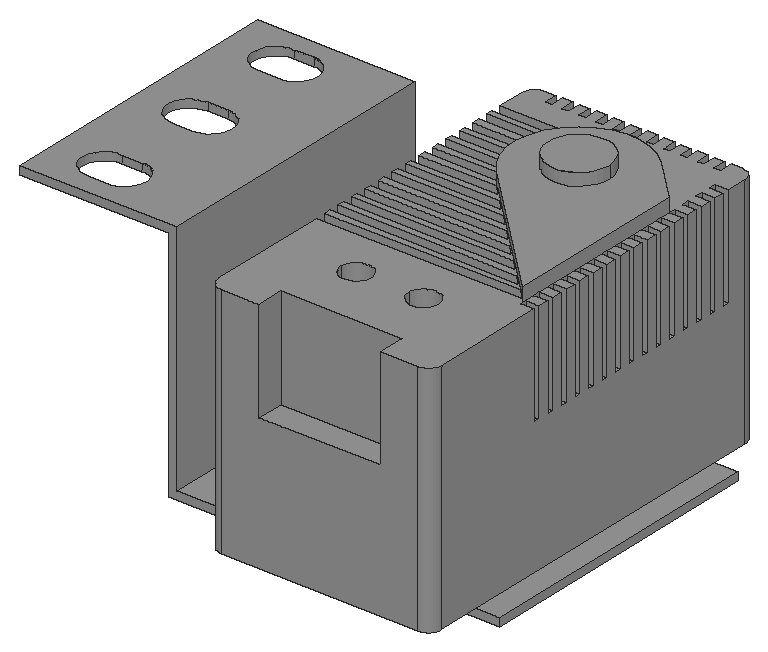
Revit family "ITK Термостат аналоговый", category Электрооборудование, Revit 2016
Family settings
  Тип детали = Другая панель
  Размер круглого соединителя = Использовать диаметр
  На основе рабочей плоскости = Нет
  Всегда вертикально = Да
  При загрузке вырезать с полостями = Нет
  Общий = Нет
  Точка расчета площади = Нет
Parameters (values of type "TS-A1")
  Ширина = 44 mm
  Совместимость = "Linea N, S, F, W, O"
  Высота = 36.2 mm
  Описание = "Термостат аналоговый применяется для организации управления работы вентиляторных потолочных панелей в зависимости от требуемой температуры включения/отключения. Термостат необходим в том случае, если панель данным термостатом не скомплектована.\r\n\r\nТип термостата: механический замыкающий нормально разомкнутый (NO). \r\nНоминальное рабочее напряжение: 230В. Частота тока: 50Гц.\r\nДиапазон регулировки температуры: от 0 до +60 °С.\r\nРазность температур переключения: 9-11 °С.\r\nСрок службы, циклов В-О: более 100 000.\r\n\r\nДля установки термостата внутри шкафа на вертикальные монтажные профили термостат комплектуется монтажным уголком. Размер термостата без уголка: 60х33х43 мм. Размер с уголком: 60х70х43 мм.\r\nКомплект поставки: термостат, монтажный уголок, комплект крепления винт-шайба-гайка.\r\nСовместимы со всеми 19-дюймовыми шкафами и стойками ITK.\r\nОбладают современным привлекательным дизайном и продуманной конструкцией.\r\nУдобны в монтаже и эксплуатации.\r\nСоответствие международным стандартам ISO9001, IEC 297, ISO/IEC 11801. \r\nСертифицированы по ГОСТ Р.\r\nВсе аксессуары идут с крепежом.\r\nВозможно исполнение в двух цветах: серый (RAL7035) и черный (RAL9005).\r\nВсегда в наличии на складе.\r\nГарантия на все аксессуары до 2-х лет."  # constant formula
  Материал = Окраска - RAL 7035
  Type Comments = ""
  Изготовитель = "ITK"  # constant formula
  Глубина = 44 mm
  URL = "http://www.itk-group.ru/produktsiya/catalog/?page=section&id=570"
  ADSK_Ток = ADSK_Номинальная мощность / (ADSK_Коэффициент мощности * ADSK_Напряжение * sqrt(ADSK_Количество фаз числовое))  # 0 A
  ADSK_Примечание = ""
  ADSK_Полная мощность = ADSK_Номинальная мощность / ADSK_Коэффициент мощности  # 0 VA
  ADSK_Позиция [instance] = ""
  ADSK_Номинальная мощность = 0 W
  ADSK_Напряжение = 220 V
  ADSK_Наименование краткое = "TS-A1"
  ADSK_Наименование = "ITK Термостат аналоговый, серый"
  ADSK_Масса = 0
  ADSK_Марка = "TS-A1"
  ADSK_Коэффициент мощности = 1
  ADSK_Количество фаз числовое = 1
  ADSK_Количество фаз = 1
  ADSK_Код изделия = ""
  ADSK_Классификация нагрузок = Прочее
  ADSK_Завод-изготовитель = "IEK"
  ADSK_Единица измерения = "шт"
  ADSK_Группирование = ""
Reference planes
  plane 1 "По центру (Вперед/Назад)": y = 0
  plane 2: z = 0
  plane 3 "По центру (Влево/Вправо)": x = 0
  plane 4: x = -22
  plane 5: x = 22
  plane 6: z = 36.2
  plane 7: y = 22
  plane 8: y = -22
  plane 9: z = 21.2
  plane 10: z = 38.2
Forms (mm)
  Extrusion 1, solid, material "Окраска - RAL 7035", detail levels fine
    sketch origin (-184.615, -22, 1164.5) x (-1, 0, 0) y (0, 0, 1)
      loop
        line (-158.815, -1128.3) -> (-158.815, -1163.3) -> (-206.615, -1163.3) -> (-206.615, -1164.5) -> (-157.615, -1164.5) -> (-157.615, -1129.5) -> (-135.615, -1129.5) -> (-135.615, -1128.3) -> (-158.815, -1128.3)
    from 0 to 44
  Extrusion 2, solid, material "Белый", detail levels fine
    sketch origin (0, 0, 0) x (1, 0, 0) y (0, 1, 0)
      loop
        line (18.5, -28.3) -> (18.5, 27.7)
        arc (18.5, 27.7) -> (17.914, 29.114) -> (16.5, 29.7) r 2
        line (16.5, 29.7) -> (-12.5, 29.7)
        arc (-12.5, 29.7) -> (-13.914, 29.114) -> (-14.5, 27.7) r 2
        line (-14.5, 27.7) -> (-14.5, -28.3)
        arc (-14.5, -28.3) -> (-13.914, -29.714) -> (-12.5, -30.3) r 2
        line (-12.5, -30.3) -> (16.5, -30.3)
        arc (16.5, -30.3) -> (17.914, -29.714) -> (18.5, -28.3) r 2
    from 1.2 to 36.2
  Extrusion 3, void
    sketch origin (0, 0, 0) x (1, 0, 0) y (0, 1, 0)
      loop
        arc (-38.5, 12.7) -> (-35.25, 15.95) -> (-38.5, 19.2) r 3.25
        line (-38.5, 19.2) -> (-41.5, 19.2)
        arc (-41.5, 19.2) -> (-44.75, 15.95) -> (-41.5, 12.7) r 3.25
        line (-41.5, 12.7) -> (-38.5, 12.7)
      loop
        arc (-38.5, -3.175) -> (-35.25, 0.075) -> (-38.5, 3.325) r 3.25
        line (-38.5, 3.325) -> (-41.5, 3.325)
        arc (-41.5, 3.325) -> (-44.75, 0.075) -> (-41.5, -3.175) r 3.25
        line (-41.5, -3.175) -> (-38.5, -3.175)
      loop
        arc (-38.5, -19.05) -> (-35.25, -15.8) -> (-38.5, -12.55) r 3.25
        line (-38.5, -12.55) -> (-41.5, -12.55)
        arc (-41.5, -12.55) -> (-44.75, -15.8) -> (-41.5, -19.05) r 3.25
        line (-41.5, -19.05) -> (-38.5, -19.05)
      loop
        circle (7, -17.3) r 2.25
      loop
        circle (-3, -17.3) r 2.25
      loop
        line (-7, -30.3) -> (11, -30.3) -> (11, -26.3) -> (-7, -26.3) -> (-7, -30.3)
      loop
        line (15, 27.7) -> (15, 29.7) -> (14, 29.7) -> (14, 27.7) -> (15, 27.7)
      loop
        line (12.5, 27.7) -> (12.5, 29.7) -> (11.5, 29.7) -> (11.5, 27.7) -> (12.5, 27.7)
      loop
        line (10, 27.7) -> (10, 29.7) -> (9, 29.7) -> (9, 27.7) -> (10, 27.7)
      loop
        line (7.5, 27.7) -> (7.5, 29.7) -> (6.5, 29.7) -> (6.5, 27.7) -> (7.5, 27.7)
      loop
        line (5, 27.7) -> (5, 29.7) -> (4, 29.7) -> (4, 27.7) -> (5, 27.7)
      loop
        line (2.5, 27.7) -> (2.5, 29.7) -> (1.5, 29.7) -> (1.5, 27.7) -> (2.5, 27.7)
      loop
        line (-1, 27.7) -> (0, 27.7) -> (0, 29.7) -> (-1, 29.7) -> (-1, 27.7)
      loop
        line (-2.5, 27.7) -> (-2.5, 29.7) -> (-3.5, 29.7) -> (-3.5, 27.7) -> (-2.5, 27.7)
      loop
        line (-5, 27.7) -> (-5, 29.7) -> (-6, 29.7) -> (-6, 27.7) -> (-5, 27.7)
      loop
        line (-7.5, 27.7) -> (-7.5, 29.7) -> (-8.5, 29.7) -> (-8.5, 27.7) -> (-7.5, 27.7)
      loop
        line (-10, 27.7) -> (-10, 29.7) -> (-11, 29.7) -> (-11, 27.7) -> (-10, 27.7)
      loop
        line (16.5, 24.7) -> (16.5, 23.7) -> (18.5, 23.7) -> (18.5, 24.7) -> (16.5, 24.7)
      loop
        line (16.5, 21.2) -> (18.5, 21.2) -> (18.5, 22.2) -> (16.5, 22.2) -> (16.5, 21.2)
      loop
        line (16.5, 19.7) -> (16.5, 18.7) -> (18.5, 18.7) -> (18.5, 19.7) -> (16.5, 19.7)
      loop
        line (16.5, 17.2) -> (16.5, 16.2) -> (18.5, 16.2) -> (18.5, 17.2) -> (16.5, 17.2)
      loop
        line (16.5, 14.7) -> (16.5, 13.7) -> (18.5, 13.7) -> (18.5, 14.7) -> (16.5, 14.7)
      loop
        line (18.5, 11.2) -> (18.5, 12.2) -> (16.5, 12.2) -> (16.5, 11.2) -> (18.5, 11.2)
      loop
        line (18.5, 8.7) -> (18.5, 9.7) -> (16.5, 9.7) -> (16.5, 8.7) -> (18.5, 8.7)
      loop
        line (18.5, 6.2) -> (18.5, 7.2) -> (16.5, 7.2) -> (16.5, 6.2) -> (18.5, 6.2)
      loop
        line (18.5, 3.7) -> (18.5, 4.7) -> (16.5, 4.7) -> (16.5, 3.7) -> (18.5, 3.7)
      loop
        line (18.5, 1.2) -> (18.5, 2.2) -> (16.5, 2.2) -> (16.5, 1.2) -> (18.5, 1.2)
      loop
        line (18.5, -1.3) -> (18.5, -0.3) -> (16.5, -0.3) -> (16.5, -1.3) -> (18.5, -1.3)
      loop
        line (18.5, -3.8) -> (18.5, -2.8) -> (16.5, -2.8) -> (16.5, -3.8) -> (18.5, -3.8)
      loop
        line (18.5, -6.3) -> (18.5, -5.3) -> (16.5, -5.3) -> (16.5, -6.3) -> (18.5, -6.3)
      loop
        line (18.5, -8.8) -> (18.5, -7.8) -> (16.5, -7.8) -> (16.5, -8.8) -> (18.5, -8.8)
      loop
        line (16.5, -10.3) -> (16.5, -11.3) -> (18.5, -11.3) -> (18.5, -10.3) -> (16.5, -10.3)
      loop
        line (-14.5, 23.7) -> (-14.5, 22.2) -> (-2.825, 22.2)
        arc (-2.825, 22.2) -> (-1.868, 23.016) -> (-0.813, 23.7) r 9.546
        line (-0.813, 23.7) -> (-14.5, 23.7)
      loop
        line (-14.5, 21.2) -> (-14.5, 19.7) -> (-4.667, 19.7)
        arc (-4.667, 19.7) -> (-4.227, 20.472) -> (-3.716, 21.2) r 9.546
        line (-3.716, 21.2) -> (-14.5, 21.2)
      loop
        line (-14.5, 18.7) -> (-14.5, 17.2) -> (-5.53, 17.2)
        arc (-5.53, 17.2) -> (-5.349, 17.959) -> (-5.107, 18.7) r 9.546
        line (-5.107, 18.7) -> (-14.5, 18.7)
      loop
        line (-14.5, 16.2) -> (-14.5, 14.7) -> (-5.686, 14.7)
        arc (-5.686, 14.7) -> (-5.708, 15.45) -> (-5.672, 16.2) r 9.546
        line (-5.672, 16.2) -> (-14.5, 16.2)
      loop
        line (-14.5, 13.7) -> (-14.5, 12.2) -> (-5.17, 12.2)
        arc (-5.17, 12.2) -> (-5.397, 12.942) -> (-5.563, 13.7) r 9.546
        line (-5.563, 13.7) -> (-14.5, 13.7)
      loop
        line (-14.5, 11.2) -> (-14.5, 9.7) -> (-3.848, 9.7)
        arc (-3.848, 9.7) -> (-4.335, 10.429) -> (-4.753, 11.2) r 9.546
        line (-4.753, 11.2) -> (-14.5, 11.2)
      loop
        line (-14.5, 8.7) -> (-14.5, 7.2) -> (-1.5, 7.2) -> (-3, 8.7) -> (-14.5, 8.7)
      loop
        line (-14.5, 6.2) -> (-14.5, 4.7) -> (1, 4.7) -> (-0.5, 6.2) -> (-14.5, 6.2)
      loop
        line (-14.5, 3.7) -> (-14.5, 2.2) -> (3.5, 2.2) -> (2, 3.7) -> (-14.5, 3.7)
      loop
        line (-14.5, 1.2) -> (-14.5, -0.3) -> (6, -0.3) -> (4.5, 1.2) -> (-14.5, 1.2)
      loop
        line (-14.5, -1.3) -> (-14.5, -2.8) -> (8.5, -2.8) -> (7, -1.3) -> (-14.5, -1.3)
      loop
        line (-14.5, -3.8) -> (-14.5, -5.3) -> (11, -5.3) -> (9.5, -3.8) -> (-14.5, -3.8)
      loop
        line (-14.5, -6.3) -> (-14.5, -7.8) -> (13.5, -7.8) -> (12, -6.3) -> (-14.5, -6.3)
      loop
        line (-14.5, -8.8) -> (-14.5, -10.3) -> (16, -10.3) -> (14.5, -8.8) -> (-14.5, -8.8)
    from 21.2 to 36.2
  Extrusion 4, solid, material "Белый", detail levels fine
    sketch origin (0, 0, 0) x (1, 0, 0) y (0, 1, 0)
      loop
        line (-2.913, 8.613) -> (16.5, -10.8) -> (16.5, 16.2) -> (10.587, 22.113)
        arc (10.587, 22.113) -> (-2.913, 22.113) -> (-2.913, 8.613) r 9.546
    from 36.2 to 38.2
  Extrusion 5, solid, material "Синий", detail levels fine
    sketch origin (0, 0, 0) x (1, 0, 0) y (0, 1, 0)
      loop
        circle (3.837, 15.363) r 4.5
    from 38.2 to 40
Cuts and joins
  Extrusion 3 cuts Extrusion 1
  Extrusion 3 cuts Extrusion 2
Dimensions and locks
  equal spacing: plane 4, plane 3 "По центру (Влево/Вправо)", plane 5
  "Ширина": plane 4 to plane 5
  "Высота": plane 6 to plane 2
  equal spacing: plane 7, plane 1 "По центру (Вперед/Назад)", plane 8
  "Глубина": plane 7 to plane 8
  plane 6 to plane 9 = 15 mm
  aligned and locked: level to plane 2
  aligned and locked: Extrusion 1 to plane 8
  aligned and locked: plane 7 to Extrusion 1
  aligned and locked: plane 6 to Extrusion 2
  aligned and locked: Extrusion 2 to Extrusion 1
  aligned and locked: plane 6 to Extrusion 3
  aligned and locked: Extrusion 3 to plane 9
  aligned and locked: plane 10 to Extrusion 4
  aligned and locked: Extrusion 4 to plane 6
  aligned and locked: Extrusion 5 to Extrusion 4
Automatic sketch dimensions
  Extrusion 1 sketch curve to plane 6 = 36.2 mm
  plane 5 to Extrusion 1 sketch curve = 0 mm
  Extrusion 1 sketch curve to plane 4 = 3.8 mm
  Extrusion 1 sketch curve to Extrusion 1 sketch curve = 1.2 mm  (x2)
  Extrusion 1 sketch curve to plane 6 = 35 mm
  Extrusion 1 sketch curve to Extrusion 1 sketch curve = 33.8 mm
  Extrusion 1 sketch curve to Extrusion 1 sketch curve = 22 mm
  plane 4 to Extrusion 2 sketch curve = 7.5 mm
  Extrusion 2 sketch curve to Extrusion 2 sketch curve = 2 mm  (x3)
  plane 5 to Extrusion 2 sketch curve = 5.5 mm  (x2)
  Extrusion 2 sketch curve to plane 8 = 8.3 mm
  plane 7 to Extrusion 2 sketch curve = 5.7 mm
  Extrusion 4 sketch curve to plane 1 "По центру (Вперед/Назад)" = 8.613 mm
  plane 1 "По центру (Вперед/Назад)" to Extrusion 4 sketch curve = 10.8 mm
  Extrusion 4 sketch curve to plane 3 "По центру (Влево/Вправо)" = 2.913 mm
  plane 3 "По центру (Влево/Вправо)" to Extrusion 4 sketch curve = 3.837 mm
  plane 7 to Extrusion 4 sketch curve = 0.113 mm
  Extrusion 4 sketch curve to plane 7 = 5.8 mm
  Extrusion 4 sketch curve to Extrusion 4 sketch curve = 6.75 mm
  plane 5 to Extrusion 4 sketch curve = 5.5 mm
  Extrusion 3 sketch curve to plane 3 "По центру (Влево/Вправо)" = 0 mm
  Extrusion 3 sketch curve to plane 3 "По центру (Влево/Вправо)" = 0.813 mm
  Extrusion 3 sketch curve to Extrusion 3 sketch curve = 1 mm  (x40)
  Extrusion 3 sketch curve to plane 3 "По центру (Влево/Вправо)" = 1.5 mm
  Extrusion 3 sketch curve to Extrusion 3 sketch curve = 1.5 mm  (x31)
  plane 7 to Extrusion 3 sketch curve = 0.2 mm  (x2)
  Extrusion 3 sketch curve to plane 3 "По центру (Влево/Вправо)" = 3 mm
  Extrusion 3 sketch curve to plane 3 "По центру (Влево/Вправо)" = 7 mm
  Extrusion 3 sketch curve to Extrusion 3 sketch curve = 3.5 mm
  Extrusion 3 sketch curve to Extrusion 3 sketch curve = 0 mm  (x62)
  plane 8 to Extrusion 3 sketch curve = 2.95 mm
  Extrusion 3 sketch curve to plane 4 = 16.5 mm
  plane 1 "По центру (Вперед/Назад)" to Extrusion 3 sketch curve = 3.175 mm
  Extrusion 3 sketch curve to plane 7 = 2.8 mm
  Extrusion 3 sketch curve to Extrusion 3 sketch curve = 3 mm  (x5)
  Extrusion 3 sketch curve to plane 1 "По центру (Вперед/Назад)" = 0.075 mm
  plane 3 "По центру (Влево/Вправо)" to Extrusion 3 sketch curve = 1.5 mm
  plane 3 "По центру (Влево/Вправо)" to Extrusion 3 sketch curve = 2 mm
  plane 3 "По центру (Влево/Вправо)" to Extrusion 3 sketch curve = 3.837 mm
  plane 1 "По центру (Вперед/Назад)" to Extrusion 3 sketch curve = 0.3 mm  (x2)
  plane 3 "По центру (Влево/Вправо)" to Extrusion 3 sketch curve = 7 mm
  Extrusion 3 sketch curve to Extrusion 3 sketch curve = 2.5 mm
  plane 3 "По центру (Влево/Вправо)" to Extrusion 3 sketch curve = 11 mm
  plane 5 to Extrusion 3 sketch curve = 5.5 mm
  Extrusion 3 sketch curve to Extrusion 3 sketch curve = 0.5 mm  (x2)
  Extrusion 3 sketch curve to Extrusion 3 sketch curve = 2 mm  (x8)
  Extrusion 3 sketch curve to plane 8 = 4.3 mm
  Extrusion 3 sketch curve to Extrusion 3 sketch curve = 4 mm  (x4)
  plane 8 to Extrusion 3 sketch curve = 4.7 mm  (x2)
  Extrusion 3 sketch curve to Extrusion 3 sketch curve = 3.25 mm
  Extrusion 3 sketch curve to Extrusion 3 sketch curve = 6 mm
  plane 1 "По центру (Вперед/Назад)" to Extrusion 3 sketch curve = 1.3 mm
  Extrusion 3 sketch curve to plane 1 "По центру (Вперед/Назад)" = 1.2 mm  (x2)
  Extrusion 3 sketch curve to Extrusion 3 sketch curve = 6.5 mm
  Extrusion 3 sketch curve to plane 7 = 6.637 mm
  Extrusion 3 sketch curve to plane 7 = 0.8 mm  (x2)
  Extrusion 3 sketch curve to plane 3 "По центру (Влево/Вправо)" = 0.5 mm
  Extrusion 3 sketch curve to Extrusion 3 sketch curve = 0.892 mm
  Extrusion 3 sketch curve to Extrusion 3 sketch curve = 0.848 mm
  Extrusion 3 sketch curve to Extrusion 3 sketch curve = 0.95 mm
  Extrusion 3 sketch curve to Extrusion 3 sketch curve = 0.906 mm
  Extrusion 3 sketch curve to Extrusion 3 sketch curve = 0.44 mm
  Extrusion 3 sketch curve to Extrusion 3 sketch curve = 0.416 mm
  Extrusion 3 sketch curve to Extrusion 3 sketch curve = 0.424 mm
  Extrusion 3 sketch curve to Extrusion 3 sketch curve = 0.393 mm
  Extrusion 3 sketch curve to Extrusion 3 sketch curve = 0.142 mm
  Extrusion 3 sketch curve to Extrusion 3 sketch curve = 0.123 mm
  plane 3 "По центру (Влево/Вправо)" to Extrusion 3 sketch curve = 1 mm
  plane 1 "По центру (Вперед/Назад)" to Extrusion 3 sketch curve = 2.8 mm
  Extrusion 3 sketch curve to Extrusion 3 sketch curve = 0.014 mm
  radius of Extrusion 3 sketch curve = 2.25 mm  (x2)
Connectors
  electrical at (2, -26.3, 28.7), driven by "ADSK_Количество фаз", driven by "ADSK_Классификация нагрузок", driven by "ADSK_Напряжение", driven by "ADSK_Полная мощность", driven by "ADSK_Коэффициент мощности"
    settings: on cut or joined group of Extrusion 2, Extrusion 3, index 1, voltage 220 V, apparent load 0 VA, apparent load phase1 0 VA, apparent load phase2 0 VA, apparent load phase3 0 VA, power factor 1, load classification "Прочее", number of poles 1, system type 31, power factor state 1, is connector primary yes, connector utility no, sub classification motor no, connector description ""
